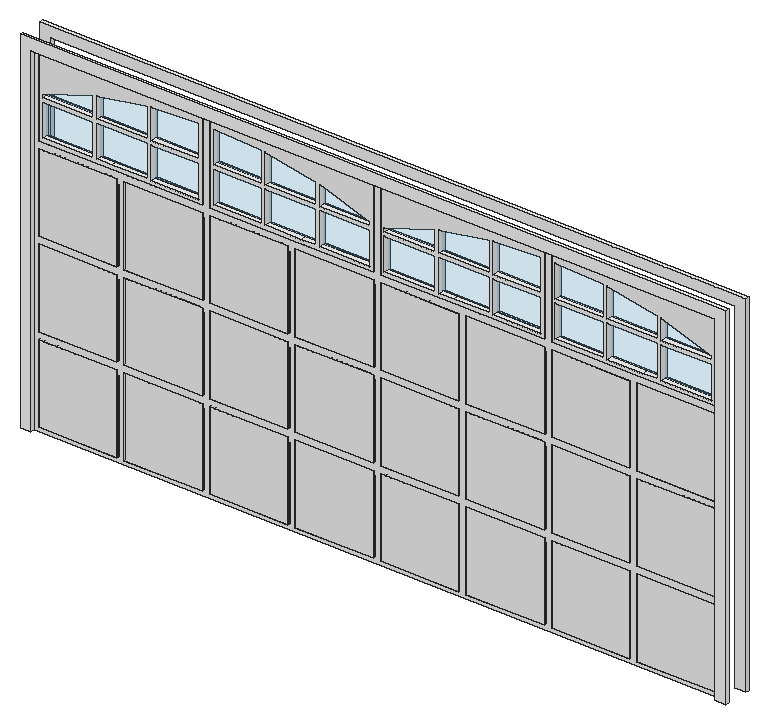
Revit family
Parameters (values of type "Overhead_Panel_Garage_Door_Contemporary_2")
  Frame Projection Ext. = 0' - 1"
  Frame Projection Int. = 0' - 1"
  Frame Width = 0' - 3"
  Height = 7' - 0"
  Wall Closure = (empty or 0)
  Width = 16' - 0"
  Assembly Code = ""
Reference planes (in)
  plane 1 "Center (Front/Back)": y = 0
  plane 2 "Center (Left/Right)": x = 0
  plane 3 "Left": x = -96
  plane 4 "Right": x = 96
  plane 5 "Top": z = 96
  plane 6: x = 48
  plane 7: x = 24
  plane 8: x = 0
  plane 9: x = -24
  plane 10: x = -48
  plane 11: x = -72
  plane 12: z = 72
  plane 13: z = 48
  plane 14: z = 24
  plane 15: z = 96
  plane 16: z = 0
  plane 17: z = 0
  plane 18: x = -96
  plane 19: x = 72
Forms (in)
  Extrusion 1, solid, material "Paint - White"
    sketch origin (-90, 3, 0) x (-1, 0, 0) y (0, 0, 1)
      loop
        line (-186, 96) -> (6, 96) -> (6, 0) -> (9, 0) -> (9, 99) -> (-189, 99) -> (-189, 0) -> (-186, 0) -> (-186, 96)
    from 0 to 1
  Extrusion 2, solid, material "JOSHUA(DEFAULT)"
    sketch origin (-90, -3, 0) x (1, 0, 0) y (0, 0, 1)
      loop
        line (-6, 0) -> (-6, 96) -> (186, 96) -> (186, 0) -> (189, 0) -> (189, 99) -> (-9, 99) -> (-9, 0) -> (-6, 0)
    from 0 to 1
  Extrusion 3, solid, material "Paint - White"
    sketch origin (0, 0, 0) x (1, 0, 0) y (0, 0, 1)
      loop
        line (96, 96) -> (-96, 96) -> (-96, 0) -> (96, 0) -> (96, 96)
      loop
        line (95, 71) -> (73, 71) -> (73, 49) -> (95, 49) -> (95, 71)
      loop
        line (95, 23) -> (73, 23) -> (73, 1) -> (95, 1) -> (95, 23)
      loop
        line (95, 47) -> (73, 47) -> (73, 25) -> (95, 25) -> (95, 47)
      loop
        line (71, 47) -> (49, 47) -> (49, 25) -> (71, 25) -> (71, 47)
      loop
        line (71, 23) -> (49, 23) -> (49, 1) -> (71, 1) -> (71, 23)
      loop
        line (71, 71) -> (49, 71) -> (49, 49) -> (71, 49) -> (71, 71)
      loop
        line (47, 71) -> (25, 71) -> (25, 49) -> (47, 49) -> (47, 71)
      loop
        line (47, 47) -> (25, 47) -> (25, 25) -> (47, 25) -> (47, 47)
      loop
        line (47, 23) -> (25, 23) -> (25, 1) -> (47, 1) -> (47, 23)
      loop
        line (23, 71) -> (1, 71) -> (1, 49) -> (23, 49) -> (23, 71)
      loop
        line (23, 47) -> (1, 47) -> (1, 25) -> (23, 25) -> (23, 47)
      loop
        line (23, 23) -> (1, 23) -> (1, 1) -> (23, 1) -> (23, 23)
      loop
        line (-1, 71) -> (-23, 71) -> (-23, 49) -> (-1, 49) -> (-1, 71)
      loop
        line (-25, 47) -> (-47, 47) -> (-47, 25) -> (-25, 25) -> (-25, 47)
      loop
        line (-49, 23) -> (-71, 23) -> (-71, 1) -> (-49, 1) -> (-49, 23)
      loop
        line (-49, 71) -> (-71, 71) -> (-71, 49) -> (-49, 49) -> (-49, 71)
      loop
        line (-73, 71) -> (-95, 71) -> (-95, 49) -> (-73, 49) -> (-73, 71)
      loop
        line (-73, 47) -> (-95, 47) -> (-95, 25) -> (-73, 25) -> (-73, 47)
      loop
        line (-73, 23) -> (-95, 23) -> (-95, 1) -> (-73, 1) -> (-73, 23)
      loop
        line (-49, 47) -> (-71, 47) -> (-71, 25) -> (-49, 25) -> (-49, 47)
      loop
        line (-25, 71) -> (-47, 71) -> (-47, 49) -> (-25, 49) -> (-25, 71)
      loop
        line (-1, 47) -> (-23, 47) -> (-23, 25) -> (-1, 25) -> (-1, 47)
      loop
        line (-25, 23) -> (-47, 23) -> (-47, 1) -> (-25, 1) -> (-25, 23)
      loop
        line (-23, 23) -> (-23, 1) -> (-1, 1) -> (-1, 23) -> (-23, 23)
      loop
        line (-49, 73) -> (-49, 95) -> (-71.5, 95) -> (-72.5, 95) -> (-95, 95) -> (-95, 73) -> (-74, 73) -> (-70, 73) -> (-49, 73)
      loop
        line (-1, 73) -> (-1, 95) -> (-23.5, 95) -> (-24.5, 95) -> (-47, 95) -> (-47, 73) -> (-26, 73) -> (-22, 73) -> (-1, 73)
      loop
        line (47, 73) -> (47, 95) -> (24.5, 95) -> (23.5, 95) -> (1, 95) -> (1, 73) -> (22, 73) -> (26, 73) -> (47, 73)
      loop
        line (95, 73) -> (95, 95) -> (72.5, 95) -> (71.5, 95) -> (49, 95) -> (49, 73) -> (70, 73) -> (74, 73) -> (95, 73)
    from 2.5 to 0
  Extrusion 4, solid, material "Paint - White"
    sketch origin (0, 0, -42) x (1, 0, 0) y (0, 0, 1)
      loop
        line (95, 65) -> (73, 65) -> (73, 43) -> (95, 43) -> (95, 65)
    from 2 to 2.5
  Extrusion 5, solid, material "Paint - White"
    sketch origin (-24, 0, -42) x (1, 0, 0) y (0, 0, 1)
      loop
        line (95, 65) -> (73, 65) -> (73, 43) -> (95, 43) -> (95, 65)
    from 2 to 2.5
  Extrusion 6, solid, material "Paint - White"
    sketch origin (-48, 0, -42) x (1, 0, 0) y (0, 0, 1)
      loop
        line (95, 65) -> (73, 65) -> (73, 43) -> (95, 43) -> (95, 65)
    from 2 to 2.5
  Extrusion 7, solid, material "Paint - White"
    sketch origin (-72, 0, -42) x (1, 0, 0) y (0, 0, 1)
      loop
        line (95, 65) -> (73, 65) -> (73, 43) -> (95, 43) -> (95, 65)
    from 2 to 2.5
  Extrusion 8, solid, material "Paint - White"
    sketch origin (-96, 0, -42) x (1, 0, 0) y (0, 0, 1)
      loop
        line (95, 65) -> (73, 65) -> (73, 43) -> (95, 43) -> (95, 65)
    from 2 to 2.5
  Extrusion 9, solid, material "Paint - White"
    sketch origin (-120, 0, -42) x (1, 0, 0) y (0, 0, 1)
      loop
        line (95, 65) -> (73, 65) -> (73, 43) -> (95, 43) -> (95, 65)
    from 2 to 2.5
  Extrusion 10, solid, material "Paint - White"
    sketch origin (-144, 0, -42) x (1, 0, 0) y (0, 0, 1)
      loop
        line (95, 65) -> (73, 65) -> (73, 43) -> (95, 43) -> (95, 65)
    from 2 to 2.5
  Blend 11, solid, material "Paint - White"
    base sketch origin (-168, 0, -42) x (1, 0, 0) y (0, 0, 1)
      loop
        line (95, 65) -> (73, 65) -> (73, 43) -> (95, 43) -> (95, 65)
    top sketch origin (-168, 0, -42) x (1, 0, 0) y (0, 0, 1)
      loop
        line (94, 64) -> (73.87641, 64) -> (73.87641, 44) -> (94, 44) -> (94, 64)
    from 2 to 0.5
  Extrusion 12, solid, material "Paint - White"
    sketch origin (-168, 0, -42) x (1, 0, 0) y (0, 0, 1)
      loop
        line (95, 65) -> (73, 65) -> (73, 43) -> (95, 43) -> (95, 65)
    from 2 to 2.5
  Extrusion 13, solid, material "Paint - White"
    sketch origin (0, 0, 0) x (1, 0, 0) y (0, 0, 1)
      loop
        line (-49, 95) -> (-71.5, 95) -> (-72.5, 95) -> (-95, 95) -> (-95, 73) -> (-74, 73) -> (-49, 73) -> (-49, 95)
      loop
        line (-74.69426, 74) -> (-64.5, 74) -> (-64.5, 83.125) -> (-78.75, 83.125) -> (-78.75, 74) -> (-74.69426, 74)
      loop
        line (-50, 74) -> (-50, 83.125) -> (-63.5, 83.125) -> (-63.5, 74) -> (-50, 74)
      loop
        line (-94, 74) -> (-79.75, 74) -> (-79.75, 83.125) -> (-94, 83.125) -> (-94, 74)
      loop
        line (-50, 84.125) -> (-50, 93.25)
        arc (-50, 93.25) -> (-56.75856, 93.16961) -> (-63.5, 92.68219) r 112.13859
        line (-63.5, 92.68219) -> (-63.5, 84.125) -> (-50, 84.125)
      loop
        line (-94, 84.125) -> (-79.75, 84.125) -> (-79.75, 89.79269)
        arc (-79.75, 89.79269) -> (-86.95311, 87.6973) -> (-94, 85.125) r 112.13859
        line (-94, 85.125) -> (-94, 84.125)
      loop
        arc (-64.5, 92.57498) -> (-71.6659, 91.53901) -> (-78.75, 90.04276) r 112.13859
        line (-78.75, 90.04276) -> (-78.75, 84.125) -> (-64.5, 84.125) -> (-64.5, 92.57498)
      loop
        line (-47, 95) -> (-47, 73) -> (-22, 73) -> (-1, 73) -> (-1, 95) -> (-23.5, 95) -> (-24.5, 95) -> (-47, 95)
      loop
        line (-21.30574, 74) -> (-17.25, 74) -> (-17.25, 83.125) -> (-31.5, 83.125) -> (-31.5, 74) -> (-21.30574, 74)
      loop
        line (-46, 74) -> (-32.5, 74) -> (-32.5, 83.125) -> (-46, 83.125) -> (-46, 74)
      loop
        line (-2, 74) -> (-2, 83.125) -> (-16.25, 83.125) -> (-16.25, 74) -> (-2, 74)
      loop
        line (-46, 84.125) -> (-32.5, 84.125) -> (-32.5, 92.68219)
        arc (-32.5, 92.68219) -> (-39.24144, 93.16961) -> (-46, 93.25) r 112.13859
        line (-46, 93.25) -> (-46, 84.125)
      loop
        line (-2, 84.125) -> (-2, 85.125)
        arc (-2, 85.125) -> (-9.04689, 87.6973) -> (-16.25, 89.79269) r 112.13859
        line (-16.25, 89.79269) -> (-16.25, 84.125) -> (-2, 84.125)
      loop
        line (-31.5, 92.57498) -> (-31.5, 84.125) -> (-17.25, 84.125) -> (-17.25, 90.04276)
        arc (-17.25, 90.04276) -> (-24.3341, 91.53901) -> (-31.5, 92.57498) r 112.13859
      loop
        line (47, 95) -> (24.5, 95) -> (23.5, 95) -> (1, 95) -> (1, 73) -> (22, 73) -> (47, 73) -> (47, 95)
      loop
        line (21.30574, 74) -> (31.5, 74) -> (31.5, 83.125) -> (17.25, 83.125) -> (17.25, 74) -> (21.30574, 74)
      loop
        line (46, 74) -> (46, 83.125) -> (32.5, 83.125) -> (32.5, 74) -> (46, 74)
      loop
        line (2, 74) -> (16.25, 74) -> (16.25, 83.125) -> (2, 83.125) -> (2, 74)
      loop
        line (46, 84.125) -> (46, 93.25)
        arc (46, 93.25) -> (39.24144, 93.16961) -> (32.5, 92.68219) r 112.13859
        line (32.5, 92.68219) -> (32.5, 84.125) -> (46, 84.125)
      loop
        line (2, 84.125) -> (16.25, 84.125) -> (16.25, 89.79269)
        arc (16.25, 89.79269) -> (9.04689, 87.6973) -> (2, 85.125) r 112.13859
        line (2, 85.125) -> (2, 84.125)
      loop
        arc (31.5, 92.57498) -> (24.3341, 91.53901) -> (17.25, 90.04276) r 112.13859
        line (17.25, 90.04276) -> (17.25, 84.125) -> (31.5, 84.125) -> (31.5, 92.57498)
      loop
        line (49, 95) -> (49, 73) -> (74, 73) -> (95, 73) -> (95, 95) -> (72.5, 95) -> (71.5, 95) -> (49, 95)
      loop
        line (74.69426, 74) -> (78.75, 74) -> (78.75, 83.125) -> (64.5, 83.125) -> (64.5, 74) -> (74.69426, 74)
      loop
        line (50, 74) -> (63.5, 74) -> (63.5, 83.125) -> (50, 83.125) -> (50, 74)
      loop
        line (94, 74) -> (94, 83.125) -> (79.75, 83.125) -> (79.75, 74) -> (94, 74)
      loop
        line (50, 84.125) -> (63.5, 84.125) -> (63.5, 92.68219)
        arc (63.5, 92.68219) -> (56.75856, 93.16961) -> (50, 93.25) r 112.13859
        line (50, 93.25) -> (50, 84.125)
      loop
        line (94, 84.125) -> (94, 85.125)
        arc (94, 85.125) -> (86.95311, 87.6973) -> (79.75, 89.79269) r 112.13859
        line (79.75, 89.79269) -> (79.75, 84.125) -> (94, 84.125)
      loop
        line (64.5, 92.57498) -> (64.5, 84.125) -> (78.75, 84.125) -> (78.75, 90.04276)
        arc (78.75, 90.04276) -> (71.6659, 91.53901) -> (64.5, 92.57498) r 112.13859
    from 0.5 to 2.5
  Extrusion 14, solid, material "Glass"
    sketch origin (-144, 0, -3) x (1, 0, 0) y (0, 0, 1)
      loop
        line (94, 77) -> (94, 86.125) -> (80.5, 86.125) -> (80.5, 77) -> (94, 77)
      loop
        line (64.25, 77) -> (64.25, 86.125) -> (50, 86.125) -> (50, 77) -> (64.25, 77)
      loop
        line (79.5, 77) -> (79.5, 86.125) -> (65.25, 86.125) -> (65.25, 77) -> (79.5, 77)
      loop
        line (94, 87.125) -> (94, 96.25)
        arc (94, 96.25) -> (87.24144, 96.16961) -> (80.5, 95.68219) r 112.13859
        line (80.5, 95.68219) -> (80.5, 87.125) -> (94, 87.125)
      loop
        line (64.25, 87.125) -> (64.25, 92.79269)
        arc (64.25, 92.79269) -> (57.04689, 90.6973) -> (50, 88.125) r 112.13859
        line (50, 88.125) -> (50, 87.125) -> (64.25, 87.125)
      loop
        line (79.5, 87.125) -> (79.5, 95.57498)
        arc (79.5, 95.57498) -> (72.3341, 94.53901) -> (65.25, 93.04276) r 112.13859
        line (65.25, 93.04276) -> (65.25, 87.125) -> (79.5, 87.125)
    from 1 to 1.25
  Extrusion 15, solid, material "Paint - White"
    sketch origin (0, 0, -18) x (1, 0, 0) y (0, 0, 1)
      loop
        line (95, 65) -> (73, 65) -> (73, 43) -> (95, 43) -> (95, 65)
    from 2 to 2.5
  Extrusion 16, solid, material "Paint - White"
    sketch origin (-24, 0, -18) x (1, 0, 0) y (0, 0, 1)
      loop
        line (95, 65) -> (73, 65) -> (73, 43) -> (95, 43) -> (95, 65)
    from 2 to 2.5
  Extrusion 17, solid, material "Paint - White"
    sketch origin (-48, 0, -18) x (1, 0, 0) y (0, 0, 1)
      loop
        line (95, 65) -> (73, 65) -> (73, 43) -> (95, 43) -> (95, 65)
    from 2 to 2.5
  Extrusion 18, solid, material "Paint - White"
    sketch origin (-72, 0, -18) x (1, 0, 0) y (0, 0, 1)
      loop
        line (95, 65) -> (73, 65) -> (73, 43) -> (95, 43) -> (95, 65)
    from 2 to 2.5
  Extrusion 19, solid, material "Paint - White"
    sketch origin (-96, 0, -18) x (1, 0, 0) y (0, 0, 1)
      loop
        line (95, 65) -> (73, 65) -> (73, 43) -> (95, 43) -> (95, 65)
    from 2 to 2.5
  Extrusion 20, solid, material "Paint - White"
    sketch origin (-120, 0, -18) x (1, 0, 0) y (0, 0, 1)
      loop
        line (95, 65) -> (73, 65) -> (73, 43) -> (95, 43) -> (95, 65)
    from 2 to 2.5
  Extrusion 21, solid, material "Paint - White"
    sketch origin (-144, 0, -18) x (1, 0, 0) y (0, 0, 1)
      loop
        line (95, 65) -> (73, 65) -> (73, 43) -> (95, 43) -> (95, 65)
    from 2 to 2.5
  Extrusion 22, solid, material "Paint - White"
    sketch origin (-168, 0, -18) x (1, 0, 0) y (0, 0, 1)
      loop
        line (95, 65) -> (73, 65) -> (73, 43) -> (95, 43) -> (95, 65)
    from 2 to 2.5
  Extrusion 23, solid, material "Paint - White"
    sketch origin (0, 0, 6) x (1, 0, 0) y (0, 0, 1)
      loop
        line (95, 65) -> (73, 65) -> (73, 43) -> (95, 43) -> (95, 65)
    from 2 to 2.5
  Extrusion 24, solid, material "Paint - White"
    sketch origin (-24, 0, 6) x (1, 0, 0) y (0, 0, 1)
      loop
        line (95, 65) -> (73, 65) -> (73, 43) -> (95, 43) -> (95, 65)
    from 2 to 2.5
  Extrusion 25, solid, material "Paint - White"
    sketch origin (-48, 0, 6) x (1, 0, 0) y (0, 0, 1)
      loop
        line (95, 65) -> (73, 65) -> (73, 43) -> (95, 43) -> (95, 65)
    from 2 to 2.5
  Extrusion 26, solid, material "Paint - White"
    sketch origin (-72, 0, 6) x (1, 0, 0) y (0, 0, 1)
      loop
        line (95, 65) -> (73, 65) -> (73, 43) -> (95, 43) -> (95, 65)
    from 2 to 2.5
  Extrusion 27, solid, material "Paint - White"
    sketch origin (-96, 0, 6) x (1, 0, 0) y (0, 0, 1)
      loop
        line (95, 65) -> (73, 65) -> (73, 43) -> (95, 43) -> (95, 65)
    from 2 to 2.5
  Extrusion 28, solid, material "Paint - White"
    sketch origin (-120, 0, 6) x (1, 0, 0) y (0, 0, 1)
      loop
        line (95, 65) -> (73, 65) -> (73, 43) -> (95, 43) -> (95, 65)
    from 2 to 2.5
  Extrusion 29, solid, material "Paint - White"
    sketch origin (-144, 0, 6) x (1, 0, 0) y (0, 0, 1)
      loop
        line (95, 65) -> (73, 65) -> (73, 43) -> (95, 43) -> (95, 65)
    from 2 to 2.5
  Extrusion 30, solid, material "Paint - White"
    sketch origin (-168, 0, 6) x (1, 0, 0) y (0, 0, 1)
      loop
        line (95, 65) -> (73, 65) -> (73, 43) -> (95, 43) -> (95, 65)
    from 2 to 2.5
  Extrusion 31, solid, material "Paint - White"
    sketch origin (-144, 0, -42) x (1, 0, 0) y (0, 0, 1)
      loop
        line (95, 65) -> (73, 65) -> (73, 43) -> (95, 43) -> (95, 65)
    from 2 to 2.5
  Extrusion 32, solid, material "Paint - White"
    sketch origin (-120, 0, -42) x (1, 0, 0) y (0, 0, 1)
      loop
        line (95, 65) -> (73, 65) -> (73, 43) -> (95, 43) -> (95, 65)
    from 2 to 2.5
  Blend 33, solid, material "Paint - White"
    base sketch origin (-144, 0, -42) x (1, 0, 0) y (0, 0, 1)
      loop
        line (95, 65) -> (73, 65) -> (73, 43) -> (95, 43) -> (95, 65)
    top sketch origin (-144, 0, -42) x (1, 0, 0) y (0, 0, 1)
      loop
        line (94, 64) -> (73.87641, 64) -> (73.87641, 44) -> (94, 44) -> (94, 64)
    from 2 to 0.5
  Extrusion 34, solid, material "Paint - White"
    sketch origin (-144, 0, -42) x (1, 0, 0) y (0, 0, 1)
      loop
        line (95, 65) -> (73, 65) -> (73, 43) -> (95, 43) -> (95, 65)
    from 2 to 2.5
  Extrusion 35, solid, material "Paint - White"
    sketch origin (-120, 0, -42) x (1, 0, 0) y (0, 0, 1)
      loop
        line (95, 65) -> (73, 65) -> (73, 43) -> (95, 43) -> (95, 65)
    from 2 to 2.5
  Extrusion 36, solid, material "Paint - White"
    sketch origin (-120, 0, -42) x (1, 0, 0) y (0, 0, 1)
      loop
        line (95, 65) -> (73, 65) -> (73, 43) -> (95, 43) -> (95, 65)
    from 2 to 2.5
  Blend 37, solid, material "Paint - White"
    base sketch origin (-120, 0, -42) x (1, 0, 0) y (0, 0, 1)
      loop
        line (95, 65) -> (73, 65) -> (73, 43) -> (95, 43) -> (95, 65)
    top sketch origin (-120, 0, -42) x (1, 0, 0) y (0, 0, 1)
      loop
        line (94, 64) -> (73.87641, 64) -> (73.87641, 44) -> (94, 44) -> (94, 64)
    from 2 to 0.5
  Extrusion 38, solid, material "Paint - White"
    sketch origin (-120, 0, -42) x (1, 0, 0) y (0, 0, 1)
      loop
        line (95, 65) -> (73, 65) -> (73, 43) -> (95, 43) -> (95, 65)
    from 2 to 2.5
  Extrusion 39, solid, material "Paint - White"
    sketch origin (-168, -0.5, -42) x (-1, 0, 0) y (0, 0, 1)
      loop
        line (-94, 64) -> (-94, 44) -> (-90.75, 44) -> (-90.75, 64) -> (-94, 64)
      loop
        line (-89.75, 64) -> (-89.75, 44) -> (-86.5, 44) -> (-86.5, 64) -> (-89.75, 64)
      loop
        line (-85.5, 64) -> (-85.5, 44) -> (-82.25, 44) -> (-82.25, 64) -> (-85.5, 64)
      loop
        line (-81.25, 64) -> (-81.25, 44) -> (-78, 44) -> (-78, 64) -> (-81.25, 64)
      loop
        line (-77, 64) -> (-77, 44) -> (-73.87641, 44) -> (-73.87641, 64) -> (-77, 64)
    from 0 to 0.25
  Extrusion 40, solid, material "Paint - White"
    sketch origin (-144, -0.5, -42) x (-1, 0, 0) y (0, 0, 1)
      loop
        line (-94, 64) -> (-94, 44) -> (-90.75, 44) -> (-90.75, 64) -> (-94, 64)
      loop
        line (-89.75, 64) -> (-89.75, 44) -> (-86.5, 44) -> (-86.5, 64) -> (-89.75, 64)
      loop
        line (-85.5, 64) -> (-85.5, 44) -> (-82.25, 44) -> (-82.25, 64) -> (-85.5, 64)
      loop
        line (-81.25, 64) -> (-81.25, 44) -> (-78, 44) -> (-78, 64) -> (-81.25, 64)
      loop
        line (-77, 64) -> (-77, 44) -> (-73.87641, 44) -> (-73.87641, 64) -> (-77, 64)
    from 0 to 0.25
  Extrusion 41, solid, material "Paint - White"
    sketch origin (-120, -0.5, -42) x (-1, 0, 0) y (0, 0, 1)
      loop
        line (-94, 64) -> (-94, 44) -> (-90.75, 44) -> (-90.75, 64) -> (-94, 64)
      loop
        line (-89.75, 64) -> (-89.75, 44) -> (-86.5, 44) -> (-86.5, 64) -> (-89.75, 64)
      loop
        line (-85.5, 64) -> (-85.5, 44) -> (-82.25, 44) -> (-82.25, 64) -> (-85.5, 64)
      loop
        line (-81.25, 64) -> (-81.25, 44) -> (-78, 44) -> (-78, 64) -> (-81.25, 64)
      loop
        line (-77, 64) -> (-77, 44) -> (-73.87641, 44) -> (-73.87641, 64) -> (-77, 64)
    from 0 to 0.25
  Extrusion 42, solid, material "Paint - White"
    sketch origin (-96, 0, -42) x (1, 0, 0) y (0, 0, 1)
      loop
        line (95, 65) -> (73, 65) -> (73, 43) -> (95, 43) -> (95, 65)
    from 2 to 2.5
  Extrusion 43, solid, material "Paint - White"
    sketch origin (-96, 0, -42) x (1, 0, 0) y (0, 0, 1)
      loop
        line (95, 65) -> (73, 65) -> (73, 43) -> (95, 43) -> (95, 65)
    from 2 to 2.5
  Extrusion 44, solid, material "Paint - White"
    sketch origin (-96, 0, -42) x (1, 0, 0) y (0, 0, 1)
      loop
        line (95, 65) -> (73, 65) -> (73, 43) -> (95, 43) -> (95, 65)
    from 2 to 2.5
  Extrusion 45, solid, material "Paint - White"
    sketch origin (-96, 0, -42) x (1, 0, 0) y (0, 0, 1)
      loop
        line (95, 65) -> (73, 65) -> (73, 43) -> (95, 43) -> (95, 65)
    from 2 to 2.5
  Blend 46, solid, material "Paint - White"
    base sketch origin (-96, 0, -42) x (1, 0, 0) y (0, 0, 1)
      loop
        line (95, 65) -> (73, 65) -> (73, 43) -> (95, 43) -> (95, 65)
    top sketch origin (-96, 0, -42) x (1, 0, 0) y (0, 0, 1)
      loop
        line (94, 64) -> (73.87641, 64) -> (73.87641, 44) -> (94, 44) -> (94, 64)
    from 2 to 0.5
  Extrusion 47, solid, material "Paint - White"
    sketch origin (-96, 0, -42) x (1, 0, 0) y (0, 0, 1)
      loop
        line (95, 65) -> (73, 65) -> (73, 43) -> (95, 43) -> (95, 65)
    from 2 to 2.5
  Extrusion 48, solid, material "Paint - White"
    sketch origin (-96, -0.5, -42) x (-1, 0, 0) y (0, 0, 1)
      loop
        line (-94, 64) -> (-94, 44) -> (-90.75, 44) -> (-90.75, 64) -> (-94, 64)
      loop
        line (-89.75, 64) -> (-89.75, 44) -> (-86.5, 44) -> (-86.5, 64) -> (-89.75, 64)
      loop
        line (-85.5, 64) -> (-85.5, 44) -> (-82.25, 44) -> (-82.25, 64) -> (-85.5, 64)
      loop
        line (-81.25, 64) -> (-81.25, 44) -> (-78, 44) -> (-78, 64) -> (-81.25, 64)
      loop
        line (-77, 64) -> (-77, 44) -> (-73.87641, 44) -> (-73.87641, 64) -> (-77, 64)
    from 0 to 0.25
  Extrusion 49, solid, material "Paint - White"
    sketch origin (-72, 0, -42) x (1, 0, 0) y (0, 0, 1)
      loop
        line (95, 65) -> (73, 65) -> (73, 43) -> (95, 43) -> (95, 65)
    from 2 to 2.5
  Extrusion 50, solid, material "Paint - White"
    sketch origin (-72, 0, -42) x (1, 0, 0) y (0, 0, 1)
      loop
        line (95, 65) -> (73, 65) -> (73, 43) -> (95, 43) -> (95, 65)
    from 2 to 2.5
  Extrusion 51, solid, material "Paint - White"
    sketch origin (-72, 0, -42) x (1, 0, 0) y (0, 0, 1)
      loop
        line (95, 65) -> (73, 65) -> (73, 43) -> (95, 43) -> (95, 65)
    from 2 to 2.5
  Extrusion 52, solid, material "Paint - White"
    sketch origin (-72, 0, -42) x (1, 0, 0) y (0, 0, 1)
      loop
        line (95, 65) -> (73, 65) -> (73, 43) -> (95, 43) -> (95, 65)
    from 2 to 2.5
  Blend 53, solid, material "Paint - White"
    base sketch origin (-72, 0, -42) x (1, 0, 0) y (0, 0, 1)
      loop
        line (95, 65) -> (73, 65) -> (73, 43) -> (95, 43) -> (95, 65)
    top sketch origin (-72, 0, -42) x (1, 0, 0) y (0, 0, 1)
      loop
        line (94, 64) -> (73.87641, 64) -> (73.87641, 44) -> (94, 44) -> (94, 64)
    from 2 to 0.5
  Extrusion 54, solid, material "Paint - White"
    sketch origin (-72, 0, -42) x (1, 0, 0) y (0, 0, 1)
      loop
        line (95, 65) -> (73, 65) -> (73, 43) -> (95, 43) -> (95, 65)
    from 2 to 2.5
  Extrusion 55, solid, material "Paint - White"
    sketch origin (-72, -0.5, -42) x (-1, 0, 0) y (0, 0, 1)
      loop
        line (-94, 64) -> (-94, 44) -> (-90.75, 44) -> (-90.75, 64) -> (-94, 64)
      loop
        line (-89.75, 64) -> (-89.75, 44) -> (-86.5, 44) -> (-86.5, 64) -> (-89.75, 64)
      loop
        line (-85.5, 64) -> (-85.5, 44) -> (-82.25, 44) -> (-82.25, 64) -> (-85.5, 64)
      loop
        line (-81.25, 64) -> (-81.25, 44) -> (-78, 44) -> (-78, 64) -> (-81.25, 64)
      loop
        line (-77, 64) -> (-77, 44) -> (-73.87641, 44) -> (-73.87641, 64) -> (-77, 64)
    from 0 to 0.25
  Extrusion 56, solid, material "Paint - White"
    sketch origin (-48, 0, -42) x (1, 0, 0) y (0, 0, 1)
      loop
        line (95, 65) -> (73, 65) -> (73, 43) -> (95, 43) -> (95, 65)
    from 2 to 2.5
  Extrusion 57, solid, material "Paint - White"
    sketch origin (-48, 0, -42) x (1, 0, 0) y (0, 0, 1)
      loop
        line (95, 65) -> (73, 65) -> (73, 43) -> (95, 43) -> (95, 65)
    from 2 to 2.5
  Extrusion 58, solid, material "Paint - White"
    sketch origin (-48, 0, -42) x (1, 0, 0) y (0, 0, 1)
      loop
        line (95, 65) -> (73, 65) -> (73, 43) -> (95, 43) -> (95, 65)
    from 2 to 2.5
  Extrusion 59, solid, material "Paint - White"
    sketch origin (-48, 0, -42) x (1, 0, 0) y (0, 0, 1)
      loop
        line (95, 65) -> (73, 65) -> (73, 43) -> (95, 43) -> (95, 65)
    from 2 to 2.5
  Blend 60, solid, material "Paint - White"
    base sketch origin (-48, 0, -42) x (1, 0, 0) y (0, 0, 1)
      loop
        line (95, 65) -> (73, 65) -> (73, 43) -> (95, 43) -> (95, 65)
    top sketch origin (-48, 0, -42) x (1, 0, 0) y (0, 0, 1)
      loop
        line (94, 64) -> (73.87641, 64) -> (73.87641, 44) -> (94, 44) -> (94, 64)
    from 2 to 0.5
  Extrusion 61, solid, material "Paint - White"
    sketch origin (-48, 0, -42) x (1, 0, 0) y (0, 0, 1)
      loop
        line (95, 65) -> (73, 65) -> (73, 43) -> (95, 43) -> (95, 65)
    from 2 to 2.5
  Extrusion 62, solid, material "Paint - White"
    sketch origin (-48, -0.5, -42) x (-1, 0, 0) y (0, 0, 1)
      loop
        line (-94, 64) -> (-94, 44) -> (-90.75, 44) -> (-90.75, 64) -> (-94, 64)
      loop
        line (-89.75, 64) -> (-89.75, 44) -> (-86.5, 44) -> (-86.5, 64) -> (-89.75, 64)
      loop
        line (-85.5, 64) -> (-85.5, 44) -> (-82.25, 44) -> (-82.25, 64) -> (-85.5, 64)
      loop
        line (-81.25, 64) -> (-81.25, 44) -> (-78, 44) -> (-78, 64) -> (-81.25, 64)
      loop
        line (-77, 64) -> (-77, 44) -> (-73.87641, 44) -> (-73.87641, 64) -> (-77, 64)
    from 0 to 0.25
  Extrusion 63, solid, material "Paint - White"
    sketch origin (-24, 0, -42) x (1, 0, 0) y (0, 0, 1)
      loop
        line (95, 65) -> (73, 65) -> (73, 43) -> (95, 43) -> (95, 65)
    from 2 to 2.5
  Extrusion 64, solid, material "Paint - White"
    sketch origin (-24, 0, -42) x (1, 0, 0) y (0, 0, 1)
      loop
        line (95, 65) -> (73, 65) -> (73, 43) -> (95, 43) -> (95, 65)
    from 2 to 2.5
  Extrusion 65, solid, material "Paint - White"
    sketch origin (-24, 0, -42) x (1, 0, 0) y (0, 0, 1)
      loop
        line (95, 65) -> (73, 65) -> (73, 43) -> (95, 43) -> (95, 65)
    from 2 to 2.5
  Extrusion 66, solid, material "Paint - White"
    sketch origin (-24, 0, -42) x (1, 0, 0) y (0, 0, 1)
      loop
        line (95, 65) -> (73, 65) -> (73, 43) -> (95, 43) -> (95, 65)
    from 2 to 2.5
  Blend 67, solid, material "Paint - White"
    base sketch origin (-24, 0, -42) x (1, 0, 0) y (0, 0, 1)
      loop
        line (95, 65) -> (73, 65) -> (73, 43) -> (95, 43) -> (95, 65)
    top sketch origin (-24, 0, -42) x (1, 0, 0) y (0, 0, 1)
      loop
        line (94, 64) -> (73.87641, 64) -> (73.87641, 44) -> (94, 44) -> (94, 64)
    from 2 to 0.5
  Extrusion 68, solid, material "Paint - White"
    sketch origin (-24, 0, -42) x (1, 0, 0) y (0, 0, 1)
      loop
        line (95, 65) -> (73, 65) -> (73, 43) -> (95, 43) -> (95, 65)
    from 2 to 2.5
  Extrusion 69, solid, material "Paint - White"
    sketch origin (-24, -0.5, -42) x (-1, 0, 0) y (0, 0, 1)
      loop
        line (-94, 64) -> (-94, 44) -> (-90.75, 44) -> (-90.75, 64) -> (-94, 64)
      loop
        line (-89.75, 64) -> (-89.75, 44) -> (-86.5, 44) -> (-86.5, 64) -> (-89.75, 64)
      loop
        line (-85.5, 64) -> (-85.5, 44) -> (-82.25, 44) -> (-82.25, 64) -> (-85.5, 64)
      loop
        line (-81.25, 64) -> (-81.25, 44) -> (-78, 44) -> (-78, 64) -> (-81.25, 64)
      loop
        line (-77, 64) -> (-77, 44) -> (-73.87641, 44) -> (-73.87641, 64) -> (-77, 64)
    from 0 to 0.25
  Extrusion 70, solid, material "Paint - White"
    sketch origin (0, 0, -42) x (1, 0, 0) y (0, 0, 1)
      loop
        line (95, 65) -> (73, 65) -> (73, 43) -> (95, 43) -> (95, 65)
    from 2 to 2.5
  Extrusion 71, solid, material "Paint - White"
    sketch origin (0, 0, -42) x (1, 0, 0) y (0, 0, 1)
      loop
        line (95, 65) -> (73, 65) -> (73, 43) -> (95, 43) -> (95, 65)
    from 2 to 2.5
  Extrusion 72, solid, material "Paint - White"
    sketch origin (0, 0, -42) x (1, 0, 0) y (0, 0, 1)
      loop
        line (95, 65) -> (73, 65) -> (73, 43) -> (95, 43) -> (95, 65)
    from 2 to 2.5
  Extrusion 73, solid, material "Paint - White"
    sketch origin (0, 0, -42) x (1, 0, 0) y (0, 0, 1)
      loop
        line (95, 65) -> (73, 65) -> (73, 43) -> (95, 43) -> (95, 65)
    from 2 to 2.5
  Blend 74, solid, material "Paint - White"
    base sketch origin (0, 0, -42) x (1, 0, 0) y (0, 0, 1)
      loop
        line (95, 65) -> (73, 65) -> (73, 43) -> (95, 43) -> (95, 65)
    top sketch origin (0, 0, -42) x (1, 0, 0) y (0, 0, 1)
      loop
        line (94, 64) -> (73.87641, 64) -> (73.87641, 44) -> (94, 44) -> (94, 64)
    from 2 to 0.5
  Extrusion 75, solid, material "Paint - White"
    sketch origin (0, 0, -42) x (1, 0, 0) y (0, 0, 1)
      loop
        line (95, 65) -> (73, 65) -> (73, 43) -> (95, 43) -> (95, 65)
    from 2 to 2.5
  Extrusion 76, solid, material "Paint - White"
    sketch origin (0, -0.5, -42) x (-1, 0, 0) y (0, 0, 1)
      loop
        line (-94, 64) -> (-94, 44) -> (-90.75, 44) -> (-90.75, 64) -> (-94, 64)
      loop
        line (-89.75, 64) -> (-89.75, 44) -> (-86.5, 44) -> (-86.5, 64) -> (-89.75, 64)
      loop
        line (-85.5, 64) -> (-85.5, 44) -> (-82.25, 44) -> (-82.25, 64) -> (-85.5, 64)
      loop
        line (-81.25, 64) -> (-81.25, 44) -> (-78, 44) -> (-78, 64) -> (-81.25, 64)
      loop
        line (-77, 64) -> (-77, 44) -> (-73.87641, 44) -> (-73.87641, 64) -> (-77, 64)
    from 0 to 0.25
  Extrusion 77, solid, material "Paint - White"
    sketch origin (0, 0, -18) x (1, 0, 0) y (0, 0, 1)
      loop
        line (95, 65) -> (73, 65) -> (73, 43) -> (95, 43) -> (95, 65)
    from 2 to 2.5
  Extrusion 78, solid, material "Paint - White"
    sketch origin (-24, 0, -18) x (1, 0, 0) y (0, 0, 1)
      loop
        line (95, 65) -> (73, 65) -> (73, 43) -> (95, 43) -> (95, 65)
    from 2 to 2.5
  Extrusion 79, solid, material "Paint - White"
    sketch origin (-48, 0, -18) x (1, 0, 0) y (0, 0, 1)
      loop
        line (95, 65) -> (73, 65) -> (73, 43) -> (95, 43) -> (95, 65)
    from 2 to 2.5
  Extrusion 80, solid, material "Paint - White"
    sketch origin (-72, 0, -18) x (1, 0, 0) y (0, 0, 1)
      loop
        line (95, 65) -> (73, 65) -> (73, 43) -> (95, 43) -> (95, 65)
    from 2 to 2.5
  Extrusion 81, solid, material "Paint - White"
    sketch origin (-96, 0, -18) x (1, 0, 0) y (0, 0, 1)
      loop
        line (95, 65) -> (73, 65) -> (73, 43) -> (95, 43) -> (95, 65)
    from 2 to 2.5
  Extrusion 82, solid, material "Paint - White"
    sketch origin (-120, 0, -18) x (1, 0, 0) y (0, 0, 1)
      loop
        line (95, 65) -> (73, 65) -> (73, 43) -> (95, 43) -> (95, 65)
    from 2 to 2.5
  Extrusion 83, solid, material "Paint - White"
    sketch origin (-144, 0, -18) x (1, 0, 0) y (0, 0, 1)
      loop
        line (95, 65) -> (73, 65) -> (73, 43) -> (95, 43) -> (95, 65)
    from 2 to 2.5
  Blend 84, solid, material "Paint - White"
    base sketch origin (-168, 0, -18) x (1, 0, 0) y (0, 0, 1)
      loop
        line (95, 65) -> (73, 65) -> (73, 43) -> (95, 43) -> (95, 65)
    top sketch origin (-168, 0, -18) x (1, 0, 0) y (0, 0, 1)
      loop
        line (94, 64) -> (73.87641, 64) -> (73.87641, 44) -> (94, 44) -> (94, 64)
    from 2 to 0.5
  Extrusion 85, solid, material "Paint - White"
    sketch origin (-168, 0, -18) x (1, 0, 0) y (0, 0, 1)
      loop
        line (95, 65) -> (73, 65) -> (73, 43) -> (95, 43) -> (95, 65)
    from 2 to 2.5
  Extrusion 86, solid, material "Paint - White"
    sketch origin (-144, 0, -18) x (1, 0, 0) y (0, 0, 1)
      loop
        line (95, 65) -> (73, 65) -> (73, 43) -> (95, 43) -> (95, 65)
    from 2 to 2.5
  Extrusion 87, solid, material "Paint - White"
    sketch origin (-120, 0, -18) x (1, 0, 0) y (0, 0, 1)
      loop
        line (95, 65) -> (73, 65) -> (73, 43) -> (95, 43) -> (95, 65)
    from 2 to 2.5
  Blend 88, solid, material "Paint - White"
    base sketch origin (-144, 0, -18) x (1, 0, 0) y (0, 0, 1)
      loop
        line (95, 65) -> (73, 65) -> (73, 43) -> (95, 43) -> (95, 65)
    top sketch origin (-144, 0, -18) x (1, 0, 0) y (0, 0, 1)
      loop
        line (94, 64) -> (73.87641, 64) -> (73.87641, 44) -> (94, 44) -> (94, 64)
    from 2 to 0.5
  Extrusion 89, solid, material "Paint - White"
    sketch origin (-144, 0, -18) x (1, 0, 0) y (0, 0, 1)
      loop
        line (95, 65) -> (73, 65) -> (73, 43) -> (95, 43) -> (95, 65)
    from 2 to 2.5
  Extrusion 90, solid, material "Paint - White"
    sketch origin (-120, 0, -18) x (1, 0, 0) y (0, 0, 1)
      loop
        line (95, 65) -> (73, 65) -> (73, 43) -> (95, 43) -> (95, 65)
    from 2 to 2.5
  Extrusion 91, solid, material "Paint - White"
    sketch origin (-120, 0, -18) x (1, 0, 0) y (0, 0, 1)
      loop
        line (95, 65) -> (73, 65) -> (73, 43) -> (95, 43) -> (95, 65)
    from 2 to 2.5
  Blend 92, solid, material "Paint - White"
    base sketch origin (-120, 0, -18) x (1, 0, 0) y (0, 0, 1)
      loop
        line (95, 65) -> (73, 65) -> (73, 43) -> (95, 43) -> (95, 65)
    top sketch origin (-120, 0, -18) x (1, 0, 0) y (0, 0, 1)
      loop
        line (94, 64) -> (73.87641, 64) -> (73.87641, 44) -> (94, 44) -> (94, 64)
    from 2 to 0.5
  Extrusion 93, solid, material "Paint - White"
    sketch origin (-120, 0, -18) x (1, 0, 0) y (0, 0, 1)
      loop
        line (95, 65) -> (73, 65) -> (73, 43) -> (95, 43) -> (95, 65)
    from 2 to 2.5
  Extrusion 94, solid, material "Paint - White"
    sketch origin (-168, -0.5, -18) x (-1, 0, 0) y (0, 0, 1)
      loop
        line (-94, 64) -> (-94, 44) -> (-90.75, 44) -> (-90.75, 64) -> (-94, 64)
      loop
        line (-89.75, 64) -> (-89.75, 44) -> (-86.5, 44) -> (-86.5, 64) -> (-89.75, 64)
      loop
        line (-85.5, 64) -> (-85.5, 44) -> (-82.25, 44) -> (-82.25, 64) -> (-85.5, 64)
      loop
        line (-81.25, 64) -> (-81.25, 44) -> (-78, 44) -> (-78, 64) -> (-81.25, 64)
      loop
        line (-77, 64) -> (-77, 44) -> (-73.87641, 44) -> (-73.87641, 64) -> (-77, 64)
    from 0 to 0.25
  Extrusion 95, solid, material "Paint - White"
    sketch origin (-144, -0.5, -18) x (-1, 0, 0) y (0, 0, 1)
      loop
        line (-94, 64) -> (-94, 44) -> (-90.75, 44) -> (-90.75, 64) -> (-94, 64)
      loop
        line (-89.75, 64) -> (-89.75, 44) -> (-86.5, 44) -> (-86.5, 64) -> (-89.75, 64)
      loop
        line (-85.5, 64) -> (-85.5, 44) -> (-82.25, 44) -> (-82.25, 64) -> (-85.5, 64)
      loop
        line (-81.25, 64) -> (-81.25, 44) -> (-78, 44) -> (-78, 64) -> (-81.25, 64)
      loop
        line (-77, 64) -> (-77, 44) -> (-73.87641, 44) -> (-73.87641, 64) -> (-77, 64)
    from 0 to 0.25
  Extrusion 96, solid, material "Paint - White"
    sketch origin (-120, -0.5, -18) x (-1, 0, 0) y (0, 0, 1)
      loop
        line (-94, 64) -> (-94, 44) -> (-90.75, 44) -> (-90.75, 64) -> (-94, 64)
      loop
        line (-89.75, 64) -> (-89.75, 44) -> (-86.5, 44) -> (-86.5, 64) -> (-89.75, 64)
      loop
        line (-85.5, 64) -> (-85.5, 44) -> (-82.25, 44) -> (-82.25, 64) -> (-85.5, 64)
      loop
        line (-81.25, 64) -> (-81.25, 44) -> (-78, 44) -> (-78, 64) -> (-81.25, 64)
      loop
        line (-77, 64) -> (-77, 44) -> (-73.87641, 44) -> (-73.87641, 64) -> (-77, 64)
    from 0 to 0.25
  Extrusion 97, solid, material "Paint - White"
    sketch origin (-96, 0, -18) x (1, 0, 0) y (0, 0, 1)
      loop
        line (95, 65) -> (73, 65) -> (73, 43) -> (95, 43) -> (95, 65)
    from 2 to 2.5
  Extrusion 98, solid, material "Paint - White"
    sketch origin (-96, 0, -18) x (1, 0, 0) y (0, 0, 1)
      loop
        line (95, 65) -> (73, 65) -> (73, 43) -> (95, 43) -> (95, 65)
    from 2 to 2.5
  Extrusion 99, solid, material "Paint - White"
    sketch origin (-96, 0, -18) x (1, 0, 0) y (0, 0, 1)
      loop
        line (95, 65) -> (73, 65) -> (73, 43) -> (95, 43) -> (95, 65)
    from 2 to 2.5
  Extrusion 100, solid, material "Paint - White"
    sketch origin (-96, 0, -18) x (1, 0, 0) y (0, 0, 1)
      loop
        line (95, 65) -> (73, 65) -> (73, 43) -> (95, 43) -> (95, 65)
    from 2 to 2.5
  Blend 101, solid, material "Paint - White"
    base sketch origin (-96, 0, -18) x (1, 0, 0) y (0, 0, 1)
      loop
        line (95, 65) -> (73, 65) -> (73, 43) -> (95, 43) -> (95, 65)
    top sketch origin (-96, 0, -18) x (1, 0, 0) y (0, 0, 1)
      loop
        line (94, 64) -> (73.87641, 64) -> (73.87641, 44) -> (94, 44) -> (94, 64)
    from 2 to 0.5
  Extrusion 102, solid, material "Paint - White"
    sketch origin (-96, 0, -18) x (1, 0, 0) y (0, 0, 1)
      loop
        line (95, 65) -> (73, 65) -> (73, 43) -> (95, 43) -> (95, 65)
    from 2 to 2.5
  Extrusion 103, solid, material "Paint - White"
    sketch origin (-96, -0.5, -18) x (-1, 0, 0) y (0, 0, 1)
      loop
        line (-94, 64) -> (-94, 44) -> (-90.75, 44) -> (-90.75, 64) -> (-94, 64)
      loop
        line (-89.75, 64) -> (-89.75, 44) -> (-86.5, 44) -> (-86.5, 64) -> (-89.75, 64)
      loop
        line (-85.5, 64) -> (-85.5, 44) -> (-82.25, 44) -> (-82.25, 64) -> (-85.5, 64)
      loop
        line (-81.25, 64) -> (-81.25, 44) -> (-78, 44) -> (-78, 64) -> (-81.25, 64)
      loop
        line (-77, 64) -> (-77, 44) -> (-73.87641, 44) -> (-73.87641, 64) -> (-77, 64)
    from 0 to 0.25
  Extrusion 104, solid, material "Paint - White"
    sketch origin (-72, 0, -18) x (1, 0, 0) y (0, 0, 1)
      loop
        line (95, 65) -> (73, 65) -> (73, 43) -> (95, 43) -> (95, 65)
    from 2 to 2.5
  Extrusion 105, solid, material "Paint - White"
    sketch origin (-72, 0, -18) x (1, 0, 0) y (0, 0, 1)
      loop
        line (95, 65) -> (73, 65) -> (73, 43) -> (95, 43) -> (95, 65)
    from 2 to 2.5
  Extrusion 106, solid, material "Paint - White"
    sketch origin (-72, 0, -18) x (1, 0, 0) y (0, 0, 1)
      loop
        line (95, 65) -> (73, 65) -> (73, 43) -> (95, 43) -> (95, 65)
    from 2 to 2.5
  Extrusion 107, solid, material "Paint - White"
    sketch origin (-72, 0, -18) x (1, 0, 0) y (0, 0, 1)
      loop
        line (95, 65) -> (73, 65) -> (73, 43) -> (95, 43) -> (95, 65)
    from 2 to 2.5
  Blend 108, solid, material "Paint - White"
    base sketch origin (-72, 0, -18) x (1, 0, 0) y (0, 0, 1)
      loop
        line (95, 65) -> (73, 65) -> (73, 43) -> (95, 43) -> (95, 65)
    top sketch origin (-72, 0, -18) x (1, 0, 0) y (0, 0, 1)
      loop
        line (94, 64) -> (73.87641, 64) -> (73.87641, 44) -> (94, 44) -> (94, 64)
    from 2 to 0.5
  Extrusion 109, solid, material "Paint - White"
    sketch origin (-72, 0, -18) x (1, 0, 0) y (0, 0, 1)
      loop
        line (95, 65) -> (73, 65) -> (73, 43) -> (95, 43) -> (95, 65)
    from 2 to 2.5
  Extrusion 110, solid, material "Paint - White"
    sketch origin (-72, -0.5, -18) x (-1, 0, 0) y (0, 0, 1)
      loop
        line (-94, 64) -> (-94, 44) -> (-90.75, 44) -> (-90.75, 64) -> (-94, 64)
      loop
        line (-89.75, 64) -> (-89.75, 44) -> (-86.5, 44) -> (-86.5, 64) -> (-89.75, 64)
      loop
        line (-85.5, 64) -> (-85.5, 44) -> (-82.25, 44) -> (-82.25, 64) -> (-85.5, 64)
      loop
        line (-81.25, 64) -> (-81.25, 44) -> (-78, 44) -> (-78, 64) -> (-81.25, 64)
      loop
        line (-77, 64) -> (-77, 44) -> (-73.87641, 44) -> (-73.87641, 64) -> (-77, 64)
    from 0 to 0.25
  Extrusion 111, solid, material "Paint - White"
    sketch origin (-48, 0, -18) x (1, 0, 0) y (0, 0, 1)
      loop
        line (95, 65) -> (73, 65) -> (73, 43) -> (95, 43) -> (95, 65)
    from 2 to 2.5
  Extrusion 112, solid, material "Paint - White"
    sketch origin (-48, 0, -18) x (1, 0, 0) y (0, 0, 1)
      loop
        line (95, 65) -> (73, 65) -> (73, 43) -> (95, 43) -> (95, 65)
    from 2 to 2.5
  Extrusion 113, solid, material "Paint - White"
    sketch origin (-48, 0, -18) x (1, 0, 0) y (0, 0, 1)
      loop
        line (95, 65) -> (73, 65) -> (73, 43) -> (95, 43) -> (95, 65)
    from 2 to 2.5
  Extrusion 114, solid, material "Paint - White"
    sketch origin (-48, 0, -18) x (1, 0, 0) y (0, 0, 1)
      loop
        line (95, 65) -> (73, 65) -> (73, 43) -> (95, 43) -> (95, 65)
    from 2 to 2.5
  Blend 115, solid, material "Paint - White"
    base sketch origin (-48, 0, -18) x (1, 0, 0) y (0, 0, 1)
      loop
        line (95, 65) -> (73, 65) -> (73, 43) -> (95, 43) -> (95, 65)
    top sketch origin (-48, 0, -18) x (1, 0, 0) y (0, 0, 1)
      loop
        line (94, 64) -> (73.87641, 64) -> (73.87641, 44) -> (94, 44) -> (94, 64)
    from 2 to 0.5
  Extrusion 116, solid, material "Paint - White"
    sketch origin (-48, 0, -18) x (1, 0, 0) y (0, 0, 1)
      loop
        line (95, 65) -> (73, 65) -> (73, 43) -> (95, 43) -> (95, 65)
    from 2 to 2.5
  Extrusion 117, solid, material "Paint - White"
    sketch origin (-48, -0.5, -18) x (-1, 0, 0) y (0, 0, 1)
      loop
        line (-94, 64) -> (-94, 44) -> (-90.75, 44) -> (-90.75, 64) -> (-94, 64)
      loop
        line (-89.75, 64) -> (-89.75, 44) -> (-86.5, 44) -> (-86.5, 64) -> (-89.75, 64)
      loop
        line (-85.5, 64) -> (-85.5, 44) -> (-82.25, 44) -> (-82.25, 64) -> (-85.5, 64)
      loop
        line (-81.25, 64) -> (-81.25, 44) -> (-78, 44) -> (-78, 64) -> (-81.25, 64)
      loop
        line (-77, 64) -> (-77, 44) -> (-73.87641, 44) -> (-73.87641, 64) -> (-77, 64)
    from 0 to 0.25
  Extrusion 118, solid, material "Paint - White"
    sketch origin (-24, 0, -18) x (1, 0, 0) y (0, 0, 1)
      loop
        line (95, 65) -> (73, 65) -> (73, 43) -> (95, 43) -> (95, 65)
    from 2 to 2.5
  Extrusion 119, solid, material "Paint - White"
    sketch origin (-24, 0, -18) x (1, 0, 0) y (0, 0, 1)
      loop
        line (95, 65) -> (73, 65) -> (73, 43) -> (95, 43) -> (95, 65)
    from 2 to 2.5
  Extrusion 120, solid, material "Paint - White"
    sketch origin (-24, 0, -18) x (1, 0, 0) y (0, 0, 1)
      loop
        line (95, 65) -> (73, 65) -> (73, 43) -> (95, 43) -> (95, 65)
    from 2 to 2.5
  Extrusion 121, solid, material "Paint - White"
    sketch origin (-24, 0, -18) x (1, 0, 0) y (0, 0, 1)
      loop
        line (95, 65) -> (73, 65) -> (73, 43) -> (95, 43) -> (95, 65)
    from 2 to 2.5
  Blend 122, solid, material "Paint - White"
    base sketch origin (-24, 0, -18) x (1, 0, 0) y (0, 0, 1)
      loop
        line (95, 65) -> (73, 65) -> (73, 43) -> (95, 43) -> (95, 65)
    top sketch origin (-24, 0, -18) x (1, 0, 0) y (0, 0, 1)
      loop
        line (94, 64) -> (73.87641, 64) -> (73.87641, 44) -> (94, 44) -> (94, 64)
    from 2 to 0.5
  Extrusion 123, solid, material "Paint - White"
    sketch origin (-24, 0, -18) x (1, 0, 0) y (0, 0, 1)
      loop
        line (95, 65) -> (73, 65) -> (73, 43) -> (95, 43) -> (95, 65)
    from 2 to 2.5
  Extrusion 124, solid, material "Paint - White"
    sketch origin (-24, -0.5, -18) x (-1, 0, 0) y (0, 0, 1)
      loop
        line (-94, 64) -> (-94, 44) -> (-90.75, 44) -> (-90.75, 64) -> (-94, 64)
      loop
        line (-89.75, 64) -> (-89.75, 44) -> (-86.5, 44) -> (-86.5, 64) -> (-89.75, 64)
      loop
        line (-85.5, 64) -> (-85.5, 44) -> (-82.25, 44) -> (-82.25, 64) -> (-85.5, 64)
      loop
        line (-81.25, 64) -> (-81.25, 44) -> (-78, 44) -> (-78, 64) -> (-81.25, 64)
      loop
        line (-77, 64) -> (-77, 44) -> (-73.87641, 44) -> (-73.87641, 64) -> (-77, 64)
    from 0 to 0.25
  Extrusion 125, solid, material "Paint - White"
    sketch origin (0, 0, -18) x (1, 0, 0) y (0, 0, 1)
      loop
        line (95, 65) -> (73, 65) -> (73, 43) -> (95, 43) -> (95, 65)
    from 2 to 2.5
  Extrusion 126, solid, material "Paint - White"
    sketch origin (0, 0, -18) x (1, 0, 0) y (0, 0, 1)
      loop
        line (95, 65) -> (73, 65) -> (73, 43) -> (95, 43) -> (95, 65)
    from 2 to 2.5
  Extrusion 127, solid, material "Paint - White"
    sketch origin (0, 0, -18) x (1, 0, 0) y (0, 0, 1)
      loop
        line (95, 65) -> (73, 65) -> (73, 43) -> (95, 43) -> (95, 65)
    from 2 to 2.5
  Extrusion 128, solid, material "Paint - White"
    sketch origin (0, 0, -18) x (1, 0, 0) y (0, 0, 1)
      loop
        line (95, 65) -> (73, 65) -> (73, 43) -> (95, 43) -> (95, 65)
    from 2 to 2.5
  Blend 129, solid, material "Paint - White"
    base sketch origin (0, 0, -18) x (1, 0, 0) y (0, 0, 1)
      loop
        line (95, 65) -> (73, 65) -> (73, 43) -> (95, 43) -> (95, 65)
    top sketch origin (0, 0, -18) x (1, 0, 0) y (0, 0, 1)
      loop
        line (94, 64) -> (73.87641, 64) -> (73.87641, 44) -> (94, 44) -> (94, 64)
    from 2 to 0.5
  Extrusion 130, solid, material "Paint - White"
    sketch origin (0, 0, -18) x (1, 0, 0) y (0, 0, 1)
      loop
        line (95, 65) -> (73, 65) -> (73, 43) -> (95, 43) -> (95, 65)
    from 2 to 2.5
  Extrusion 131, solid, material "Paint - White"
    sketch origin (0, -0.5, -18) x (-1, 0, 0) y (0, 0, 1)
      loop
        line (-94, 64) -> (-94, 44) -> (-90.75, 44) -> (-90.75, 64) -> (-94, 64)
      loop
        line (-89.75, 64) -> (-89.75, 44) -> (-86.5, 44) -> (-86.5, 64) -> (-89.75, 64)
      loop
        line (-85.5, 64) -> (-85.5, 44) -> (-82.25, 44) -> (-82.25, 64) -> (-85.5, 64)
      loop
        line (-81.25, 64) -> (-81.25, 44) -> (-78, 44) -> (-78, 64) -> (-81.25, 64)
      loop
        line (-77, 64) -> (-77, 44) -> (-73.87641, 44) -> (-73.87641, 64) -> (-77, 64)
    from 0 to 0.25
  Extrusion 132, solid, material "Paint - White"
    sketch origin (0, 0, 6) x (1, 0, 0) y (0, 0, 1)
      loop
        line (95, 65) -> (73, 65) -> (73, 43) -> (95, 43) -> (95, 65)
    from 2 to 2.5
  Extrusion 133, solid, material "Paint - White"
    sketch origin (-24, 0, 6) x (1, 0, 0) y (0, 0, 1)
      loop
        line (95, 65) -> (73, 65) -> (73, 43) -> (95, 43) -> (95, 65)
    from 2 to 2.5
  Extrusion 134, solid, material "Paint - White"
    sketch origin (-48, 0, 6) x (1, 0, 0) y (0, 0, 1)
      loop
        line (95, 65) -> (73, 65) -> (73, 43) -> (95, 43) -> (95, 65)
    from 2 to 2.5
  Extrusion 135, solid, material "Paint - White"
    sketch origin (-72, 0, 6) x (1, 0, 0) y (0, 0, 1)
      loop
        line (95, 65) -> (73, 65) -> (73, 43) -> (95, 43) -> (95, 65)
    from 2 to 2.5
  Extrusion 136, solid, material "Paint - White"
    sketch origin (-96, 0, 6) x (1, 0, 0) y (0, 0, 1)
      loop
        line (95, 65) -> (73, 65) -> (73, 43) -> (95, 43) -> (95, 65)
    from 2 to 2.5
  Extrusion 137, solid, material "Paint - White"
    sketch origin (-120, 0, 6) x (1, 0, 0) y (0, 0, 1)
      loop
        line (95, 65) -> (73, 65) -> (73, 43) -> (95, 43) -> (95, 65)
    from 2 to 2.5
  Extrusion 138, solid, material "Paint - White"
    sketch origin (-144, 0, 6) x (1, 0, 0) y (0, 0, 1)
      loop
        line (95, 65) -> (73, 65) -> (73, 43) -> (95, 43) -> (95, 65)
    from 2 to 2.5
  Blend 139, solid, material "Paint - White"
    base sketch origin (-168, 0, 6) x (1, 0, 0) y (0, 0, 1)
      loop
        line (95, 65) -> (73, 65) -> (73, 43) -> (95, 43) -> (95, 65)
    top sketch origin (-168, 0, 6) x (1, 0, 0) y (0, 0, 1)
      loop
        line (94, 64) -> (73.87641, 64) -> (73.87641, 44) -> (94, 44) -> (94, 64)
    from 2 to 0.5
  Extrusion 140, solid, material "Paint - White"
    sketch origin (-168, 0, 6) x (1, 0, 0) y (0, 0, 1)
      loop
        line (95, 65) -> (73, 65) -> (73, 43) -> (95, 43) -> (95, 65)
    from 2 to 2.5
  Extrusion 141, solid, material "Paint - White"
    sketch origin (-144, 0, 6) x (1, 0, 0) y (0, 0, 1)
      loop
        line (95, 65) -> (73, 65) -> (73, 43) -> (95, 43) -> (95, 65)
    from 2 to 2.5
  Extrusion 142, solid, material "Paint - White"
    sketch origin (-120, 0, 6) x (1, 0, 0) y (0, 0, 1)
      loop
        line (95, 65) -> (73, 65) -> (73, 43) -> (95, 43) -> (95, 65)
    from 2 to 2.5
  Blend 143, solid, material "Paint - White"
    base sketch origin (-144, 0, 6) x (1, 0, 0) y (0, 0, 1)
      loop
        line (95, 65) -> (73, 65) -> (73, 43) -> (95, 43) -> (95, 65)
    top sketch origin (-144, 0, 6) x (1, 0, 0) y (0, 0, 1)
      loop
        line (94, 64) -> (73.87641, 64) -> (73.87641, 44) -> (94, 44) -> (94, 64)
    from 2 to 0.5
  Extrusion 144, solid, material "Paint - White"
    sketch origin (-144, 0, 6) x (1, 0, 0) y (0, 0, 1)
      loop
        line (95, 65) -> (73, 65) -> (73, 43) -> (95, 43) -> (95, 65)
    from 2 to 2.5
  Extrusion 145, solid, material "Paint - White"
    sketch origin (-120, 0, 6) x (1, 0, 0) y (0, 0, 1)
      loop
        line (95, 65) -> (73, 65) -> (73, 43) -> (95, 43) -> (95, 65)
    from 2 to 2.5
  Extrusion 146, solid, material "Paint - White"
    sketch origin (-120, 0, 6) x (1, 0, 0) y (0, 0, 1)
      loop
        line (95, 65) -> (73, 65) -> (73, 43) -> (95, 43) -> (95, 65)
    from 2 to 2.5
  Blend 147, solid, material "Paint - White"
    base sketch origin (-120, 0, 6) x (1, 0, 0) y (0, 0, 1)
      loop
        line (95, 65) -> (73, 65) -> (73, 43) -> (95, 43) -> (95, 65)
    top sketch origin (-120, 0, 6) x (1, 0, 0) y (0, 0, 1)
      loop
        line (94, 64) -> (73.87641, 64) -> (73.87641, 44) -> (94, 44) -> (94, 64)
    from 2 to 0.5
  Extrusion 148, solid, material "Paint - White"
    sketch origin (-120, 0, 6) x (1, 0, 0) y (0, 0, 1)
      loop
        line (95, 65) -> (73, 65) -> (73, 43) -> (95, 43) -> (95, 65)
    from 2 to 2.5
  Extrusion 149, solid, material "Paint - White"
    sketch origin (-168, -0.5, 6) x (-1, 0, 0) y (0, 0, 1)
      loop
        line (-94, 64) -> (-94, 44) -> (-90.75, 44) -> (-90.75, 64) -> (-94, 64)
      loop
        line (-89.75, 64) -> (-89.75, 44) -> (-86.5, 44) -> (-86.5, 64) -> (-89.75, 64)
      loop
        line (-85.5, 64) -> (-85.5, 44) -> (-82.25, 44) -> (-82.25, 64) -> (-85.5, 64)
      loop
        line (-81.25, 64) -> (-81.25, 44) -> (-78, 44) -> (-78, 64) -> (-81.25, 64)
      loop
        line (-77, 64) -> (-77, 44) -> (-73.87641, 44) -> (-73.87641, 64) -> (-77, 64)
    from 0 to 0.25
  Extrusion 150, solid, material "Paint - White"
    sketch origin (-144, -0.5, 6) x (-1, 0, 0) y (0, 0, 1)
      loop
        line (-94, 64) -> (-94, 44) -> (-90.75, 44) -> (-90.75, 64) -> (-94, 64)
      loop
        line (-89.75, 64) -> (-89.75, 44) -> (-86.5, 44) -> (-86.5, 64) -> (-89.75, 64)
      loop
        line (-85.5, 64) -> (-85.5, 44) -> (-82.25, 44) -> (-82.25, 64) -> (-85.5, 64)
      loop
        line (-81.25, 64) -> (-81.25, 44) -> (-78, 44) -> (-78, 64) -> (-81.25, 64)
      loop
        line (-77, 64) -> (-77, 44) -> (-73.87641, 44) -> (-73.87641, 64) -> (-77, 64)
    from 0 to 0.25
  Extrusion 151, solid, material "Paint - White"
    sketch origin (-120, -0.5, 6) x (-1, 0, 0) y (0, 0, 1)
      loop
        line (-94, 64) -> (-94, 44) -> (-90.75, 44) -> (-90.75, 64) -> (-94, 64)
      loop
        line (-89.75, 64) -> (-89.75, 44) -> (-86.5, 44) -> (-86.5, 64) -> (-89.75, 64)
      loop
        line (-85.5, 64) -> (-85.5, 44) -> (-82.25, 44) -> (-82.25, 64) -> (-85.5, 64)
      loop
        line (-81.25, 64) -> (-81.25, 44) -> (-78, 44) -> (-78, 64) -> (-81.25, 64)
      loop
        line (-77, 64) -> (-77, 44) -> (-73.87641, 44) -> (-73.87641, 64) -> (-77, 64)
    from 0 to 0.25
  Extrusion 152, solid, material "Paint - White"
    sketch origin (-96, 0, 6) x (1, 0, 0) y (0, 0, 1)
      loop
        line (95, 65) -> (73, 65) -> (73, 43) -> (95, 43) -> (95, 65)
    from 2 to 2.5
  Extrusion 153, solid, material "Paint - White"
    sketch origin (-96, 0, 6) x (1, 0, 0) y (0, 0, 1)
      loop
        line (95, 65) -> (73, 65) -> (73, 43) -> (95, 43) -> (95, 65)
    from 2 to 2.5
  Extrusion 154, solid, material "Paint - White"
    sketch origin (-96, 0, 6) x (1, 0, 0) y (0, 0, 1)
      loop
        line (95, 65) -> (73, 65) -> (73, 43) -> (95, 43) -> (95, 65)
    from 2 to 2.5
  Extrusion 155, solid, material "Paint - White"
    sketch origin (-96, 0, 6) x (1, 0, 0) y (0, 0, 1)
      loop
        line (95, 65) -> (73, 65) -> (73, 43) -> (95, 43) -> (95, 65)
    from 2 to 2.5
  Blend 156, solid, material "Paint - White"
    base sketch origin (-96, 0, 6) x (1, 0, 0) y (0, 0, 1)
      loop
        line (95, 65) -> (73, 65) -> (73, 43) -> (95, 43) -> (95, 65)
    top sketch origin (-96, 0, 6) x (1, 0, 0) y (0, 0, 1)
      loop
        line (94, 64) -> (73.87641, 64) -> (73.87641, 44) -> (94, 44) -> (94, 64)
    from 2 to 0.5
  Extrusion 157, solid, material "Paint - White"
    sketch origin (-96, 0, 6) x (1, 0, 0) y (0, 0, 1)
      loop
        line (95, 65) -> (73, 65) -> (73, 43) -> (95, 43) -> (95, 65)
    from 2 to 2.5
  Extrusion 158, solid, material "Paint - White"
    sketch origin (-96, -0.5, 6) x (-1, 0, 0) y (0, 0, 1)
      loop
        line (-94, 64) -> (-94, 44) -> (-90.75, 44) -> (-90.75, 64) -> (-94, 64)
      loop
        line (-89.75, 64) -> (-89.75, 44) -> (-86.5, 44) -> (-86.5, 64) -> (-89.75, 64)
      loop
        line (-85.5, 64) -> (-85.5, 44) -> (-82.25, 44) -> (-82.25, 64) -> (-85.5, 64)
      loop
        line (-81.25, 64) -> (-81.25, 44) -> (-78, 44) -> (-78, 64) -> (-81.25, 64)
      loop
        line (-77, 64) -> (-77, 44) -> (-73.87641, 44) -> (-73.87641, 64) -> (-77, 64)
    from 0 to 0.25
  Extrusion 159, solid, material "Paint - White"
    sketch origin (-72, 0, 6) x (1, 0, 0) y (0, 0, 1)
      loop
        line (95, 65) -> (73, 65) -> (73, 43) -> (95, 43) -> (95, 65)
    from 2 to 2.5
  Extrusion 160, solid, material "Paint - White"
    sketch origin (-72, 0, 6) x (1, 0, 0) y (0, 0, 1)
      loop
        line (95, 65) -> (73, 65) -> (73, 43) -> (95, 43) -> (95, 65)
    from 2 to 2.5
  Extrusion 161, solid, material "Paint - White"
    sketch origin (-72, 0, 6) x (1, 0, 0) y (0, 0, 1)
      loop
        line (95, 65) -> (73, 65) -> (73, 43) -> (95, 43) -> (95, 65)
    from 2 to 2.5
  Extrusion 162, solid, material "Paint - White"
    sketch origin (-72, 0, 6) x (1, 0, 0) y (0, 0, 1)
      loop
        line (95, 65) -> (73, 65) -> (73, 43) -> (95, 43) -> (95, 65)
    from 2 to 2.5
  Blend 163, solid, material "Paint - White"
    base sketch origin (-72, 0, 6) x (1, 0, 0) y (0, 0, 1)
      loop
        line (95, 65) -> (73, 65) -> (73, 43) -> (95, 43) -> (95, 65)
    top sketch origin (-72, 0, 6) x (1, 0, 0) y (0, 0, 1)
      loop
        line (94, 64) -> (73.87641, 64) -> (73.87641, 44) -> (94, 44) -> (94, 64)
    from 2 to 0.5
